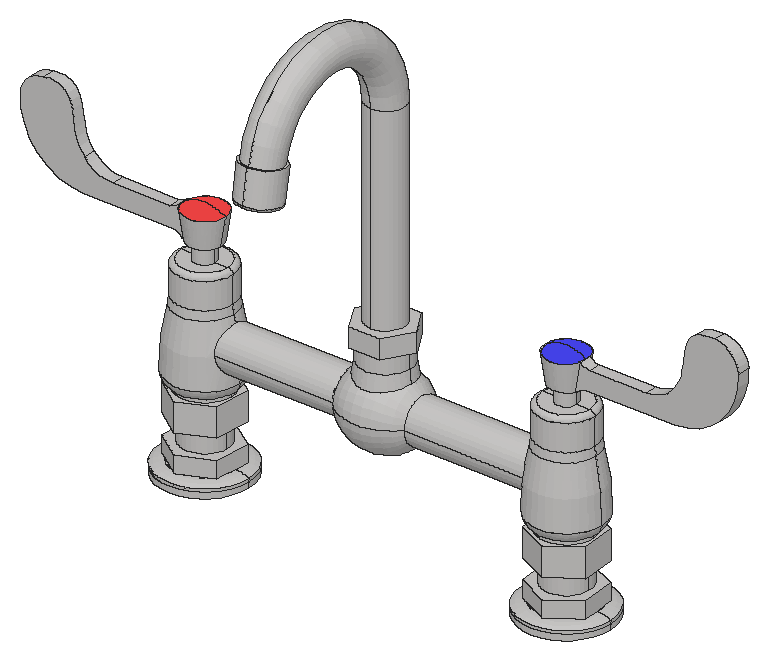
Revit family "15-825L-W-E2", category Specialty Equipment, Revit 2018
Family settings
  Round Connector Dimension = Use Diameter
  Part Type = Normal
  OmniClass Number = 23.45.05.14
  OmniClass Title = Plumbing Fixtures - Sanitary Washing Units
  Work Plane-Based = No
  Always vertical = Yes
  Cut with Voids When Loaded = No
  Shared = No
  Room Calculation Point = No
Parameters
  URL Cutsheet = ""
  Serial Number = ""
  Plumbing Remarks = ""
  Plumbing Connection Type = ""
  Model = "15-825L-W-E2"
  Masterspec = ""
  Manufacturer = "Krowne Metal"
  Item Number = ""
  INLET = 1/2"
  Hot Water Size = 1/2"
  Hot Water RI Height = 0"
  Hot Water Flow = 0.5 GPM
  Hot Water Connection Height = 0"
  Foodservice Equipment Identifier = yes
  Description = "8\" Rasied Deck Mount Faucet with 3-1/2\" Wide Gooseneck Spout & Vandal Resistant Wrist Blades Handles"
  Cold Water Size = 1/2"
  Cold Water RI Height = 0"
  Cold Water Flow = 0.5 GPM
  Cold Water Connection Height = 0"
  Assembly Code = "D2010400"
Reference planes (in)
  plane 1 "Center (Front/Back)": y = 0
  plane 2: z = 0
  plane 3 "Center (Left/Right)": x = 0
  plane 4: x = -7.9375
  plane 5: x = 7.9375
  plane 6: x = -4
  plane 7: x = 4
  plane 8: z = 10.875
  plane 9: y = -3.5
  plane 10: z = 2.6555785
  plane 11: through (-0.1772495, -0.1236737, 48) normal (-0.5736, 0.8192, 0)
  plane 12: z = 8.25
Forms (in)
  Revolve 1, solid, material "Metal_Finishes_Stainless Steel"
    sketch origin (0, 0, 0) x (1, 0, 0) y (0, 0, 1)
      loop
        line (-4.2265625, 4.2097502) -> (-4.515625, 4.2097502)
        arc (-4.515625, 4.2097502) -> (-4.5913487, 4.1783845) -> (-4.6227144, 4.1026608) r 0.1070894
        line (-4.6227144, 4.1026608) -> (-4.6227144, 3.5255115)
        arc (-4.6227144, 3.5255115) -> (-4.6314858, 3.426017) -> (-4.641709, 3.3266612) r 6.8403013
        arc (-4.641709, 3.3266612) -> (-4.759233, 2.6695791) -> (-4.7848693, 2.0025621) r 4.8209641
        arc (-4.7848693, 2.0025621) -> (-4.7404099, 1.8863243) -> (-4.6617028, 1.7899237) r 0.3913262
        line (-4.6617028, 1.7899237) -> (-4.5925925, 1.7899237) -> (-4.5925925, 1.6857697) -> (-4, 1.6857697) -> (-4, 5.1875) -> (-4.4564711, 5.1875) -> (-4.3592865, 4.5739001) -> (-4.2265625, 4.5739001) -> (-4.2265625, 4.2097502)
      axis (-4, 5.1875) -> (-4, 1.6857697)
    angle from 0 to 360
  Revolve 2, solid, material "Metal_Finishes_Stainless Steel"
    sketch origin (0, 0, 0) x (-1, 0, 0) y (0, 0, 1)
      loop
        line (-4.2265625, 4.2097502) -> (-4.515625, 4.2097502)
        arc (-4.515625, 4.2097502) -> (-4.5913487, 4.1783845) -> (-4.6227144, 4.1026608) r 0.1070894
        line (-4.6227144, 4.1026608) -> (-4.6227144, 3.5255115)
        arc (-4.6227144, 3.5255115) -> (-4.6314858, 3.426017) -> (-4.641709, 3.3266612) r 6.8403013
        arc (-4.641709, 3.3266612) -> (-4.759233, 2.6695791) -> (-4.7848693, 2.0025621) r 4.8209641
        arc (-4.7848693, 2.0025621) -> (-4.7404099, 1.8863243) -> (-4.6617028, 1.7899237) r 0.3913262
        line (-4.6617028, 1.7899237) -> (-4.5925925, 1.7899237) -> (-4.5925925, 1.6857697) -> (-4, 1.6857697) -> (-4, 5.1738281) -> (-4.4543057, 5.1738281) -> (-4.3568117, 4.5582751) -> (-4.2265625, 4.5582751) -> (-4.2265625, 4.2097502)
      axis (-4, 5.1738281) -> (-4, 1.6857697)
    angle from 0 to 360
  Revolve 3, solid, material "Metal_Finishes_Stainless Steel"
    sketch origin (0, 0, 2.6875) x (1, 0, 0) y (0, 1, 0)
      loop
        line (-3.6520316, 0) -> (3.6520316, 0) -> (3.6520316, 0.4791814) -> (0.7881593, 0.4791814)
        arc (0.7881593, 0.4791814) -> (0, 0.8383898) -> (-0.7881593, 0.4791814) r 1.0442764
        line (-0.7881593, 0.4791814) -> (-3.6520316, 0.4791814) -> (-3.6520316, 0)
      axis (-3.6520316, 0) -> (3.6520316, 0)
    angle from 0 to 360
  Blend 4, solid, material "Metal_Finishes_Stainless Steel"
    base sketch origin (0, 0, 0) x (1, 0, 0) y (0, 1, 0)
      loop
        circle (0, 0) r 0.6269135
    top sketch origin (0, 0, 0) x (1, 0, 0) y (0, 1, 0)
      loop
        circle (0, 0) r 0.5457886
    from 3.1117194 to 3.6165164
  Extrusion 5, solid, material "Metal_Finishes_Stainless Steel"
    sketch origin (0, 0, 0) x (-1, 0, 0) y (0, -1, 0)
      loop
        line (-3.3075187, -0.3229093) -> (-3.3741116, 0.4382518) -> (-4.066593, 0.7611611) -> (-4.6924813, 0.3229093) -> (-4.6258884, -0.4382518) -> (-3.933407, -0.7611611) -> (-3.3075187, -0.3229093)
    from 1.0669463 to 1.6857697
  Revolve 6, solid, material "Metal_Finishes_Stainless Steel"
    sketch origin (0, 0, 0) x (1, 0, 0) y (0, 0, 1)
      loop
        line (-0.5457886, 3.9834341) -> (-0.5457886, 3.6165164) -> (0, 3.6165164) -> (0, 3.9834341) -> (-0.5457886, 3.9834341)
      axis (0, 3.9834341) -> (0, 3.6165164)
    angle from 0 to 360
  Revolve 7, solid, material "Metal_Finishes_Stainless Steel"
    sketch origin (0, 0, 0) x (1, 0, 0) y (0, 0, 1)
      loop
        line (-4, 1.0669463) -> (-4.5, 1.0669463) -> (-4.5, 0.6129667) -> (-4, 0.6129667) -> (-4, 1.0669463)
      axis (-4, 1.0669463) -> (-4, 0.6129667)
    angle from 0 to 360
  Extrusion 8, solid, material "Metal_Finishes_Stainless Steel"
    sketch origin (0, 0, -0.75) x (1, 0, 0) y (0, 1, 0)
      loop
        line (-3.3075187, 0.3229093) -> (-3.933407, 0.7611611) -> (-4.6258884, 0.4382518) -> (-4.6924813, -0.3229093) -> (-4.066593, -0.7611611) -> (-3.3741116, -0.4382518) -> (-3.3075187, 0.3229093)
    from 1.0115224 to 1.3727211
  Extrusion 9, solid, material "Metal_Finishes_Stainless Steel"
    sketch origin (0, 0, -0.75) x (-1, 0, 0) y (0, -1, 0)
      loop
        line (-3.3075187, -0.3229093) -> (-3.3741116, 0.4382518) -> (-4.066593, 0.7611611) -> (-4.6924813, 0.3229093) -> (-4.6258884, -0.4382518) -> (-3.933407, -0.7611611) -> (-3.3075187, -0.3229093)
    from 1.0115224 to 1.3727211
  Revolve 10, solid, material "Metal_Finishes_Stainless Steel"
    sketch origin (0, 0, 0) x (-1, 0, 0) y (0, 0, 1)
      loop
        line (-4, 1.0669463) -> (-4.5, 1.0669463) -> (-4.5, 0.6181602) -> (-4, 0.6181602) -> (-4, 1.0669463)
      axis (-4, 1.0669463) -> (-4, 0.6181602)
    angle from 0 to 360
  Revolve 11, solid, material "Metal_Finishes_Stainless Steel"
    sketch origin (0, 0, 0) x (-1, 0, 0) y (0, 0, 1)
      loop
        line (-4, 0.2615224) -> (-4.6924813, 0.2615224)
        arc (-4.6924813, 0.2615224) -> (-4.8391389, 0.2429759) -> (-4.9765625, 0.188504) r 0.5891237
        line (-4.9765625, 0.188504) -> (-4.9765625, 0.1269227) -> (-4, 0.1269227) -> (-4, 0.2615224)
      axis (-4, 0.2615224) -> (-4, 0.1269227)
    angle from 0 to 360
  Revolve 12, solid, material "Metal_Finishes_Stainless Steel"
    sketch origin (0, 0, 0) x (-1, 0, 0) y (0, 0, 1)
      loop
        line (-4, 0.1269227) -> (-4.9765625, 0.1269227) -> (-4.9765625, 0) -> (-4, 0) -> (-4, 0.1269227)
      axis (-4, 0.1269227) -> (-4, 0)
    angle from 0 to 360
  Revolve 13, solid, material "Plastic-Brass-Red"
    sketch origin (0, 0, 0.0688477) x (1, 0, 0) y (0, 0, 1)
      loop
        line (-4, 5.1184462) -> (-4, 5.2553745)
        arc (-4, 5.2553745) -> (-4.2383745, 5.2206326) -> (-4.4565198, 5.1184462) r 0.8241286
        line (-4.4565198, 5.1184462) -> (-4, 5.1184462)
      axis (-4, 5.2553745) -> (-4, 5.1184462)
    angle from 0 to 360
  Revolve 14, solid, material "Plastic-Brass-Blue"
    sketch origin (0, 0, 0.046875) x (-1, 0, 0) y (0, 0, 1)
      loop
        line (-4, 5.125) -> (-4, 5.2575176)
        arc (-4, 5.2575176) -> (-4.2328551, 5.2235055) -> (-4.4465721, 5.125) r 0.8231864
        line (-4.4465721, 5.125) -> (-4, 5.125)
      axis (-4, 5.2575176) -> (-4, 5.125)
    angle from 0 to 360
  Extrusion 15, solid, material "Metal_Finishes_Stainless Steel"
    sketch origin (0, 0, 0) x (1, 0, 0) y (0, 1, 0)
      loop
        line (-3.3075187, 0.3229093) -> (-3.933407, 0.7611611) -> (-4.6258884, 0.4382518) -> (-4.6924813, -0.3229093) -> (-4.066593, -0.7611611) -> (-3.3741116, -0.4382518) -> (-3.3075187, 0.3229093)
    from 1.0669463 to 1.6857697
  Sweep 16, solid, material "Metal_Finishes_Stainless Steel"
    path origin (0, 0, 0) x (0, 1, 0) y (0, 0, 1)
      loop
        line (0, 4.406133) -> (0, 8.7571801)
        arc (0, 8.7571801) -> (-1.5687577, 10.4565741) -> (-3.3879442, 9.028463) r 1.7048333
    profile origin (0, 0, 6.5816566) x (0, -1, 0) y (1, 0, 0)
      loop
        circle (0, 0) r 0.40625
  Revolve 17, solid, material "Metal_Finishes_Stainless Steel"
    sketch origin (0, 0, 0) x (0, 1, 0) y (0, 0, 1)
      loop
        line (-2.9360113, 8.9556207) -> (-3.3879442, 9.028463) -> (-3.5040026, 8.3084061) -> (-3.0520697, 8.2355638) -> (-2.9360113, 8.9556207)
      axis (-3.3879442, 9.028463) -> (-3.5040026, 8.3084061)
    angle from 0 to 360
  Revolve 18, solid, material "Metal_Finishes_Stainless Steel"
    sketch origin (0, 0, 0) x (0, 1, 0) y (0, 0, 1)
      loop
        line (-3.0520697, 8.2355638) -> (-3.5040026, 8.3084061) -> (-3.5089057, 8.277986) -> (-3.0686616, 8.2070277)
        arc (-3.0686616, 8.2070277) -> (-3.0579373, 8.2198838) -> (-3.0520697, 8.2355638) r 0.0498909
      axis (-3.5040026, 8.3084061) -> (-3.5102674, 8.2695377)
    angle from 0 to 360
  Revolve 19, solid, material "Metal_Finishes_Stainless Steel"
    sketch origin (0, 0, 0) x (1, 0, 0) y (0, 0, 1)
      loop
        line (-4, 0.2615224) -> (-4.6924813, 0.2615224)
        arc (-4.6924813, 0.2615224) -> (-4.8391389, 0.2429759) -> (-4.9765625, 0.188504) r 0.5891237
        line (-4.9765625, 0.188504) -> (-4.9765625, 0.1269227) -> (-4, 0.1269227) -> (-4, 0.2615224)
      axis (-4, 0.2615224) -> (-4, 0.1269227)
    angle from 0 to 360
  Revolve 20, solid, material "Metal_Finishes_Stainless Steel"
    sketch origin (0, 0, 0) x (1, 0, 0) y (0, 0, 1)
      loop
        line (-4, 0.1269227) -> (-4.9765625, 0.1269227) -> (-4.9765625, 0) -> (-4, 0) -> (-4, 0.1269227)
      axis (-4, 0.1269227) -> (-4, 0)
    angle from 0 to 360
  Extrusion 21, solid, material "Metal_Finishes_Stainless Steel"
    sketch origin (-2.0095147, 0, 2.1045521) x (1, 0, 0) y (0, 0, 1)
      loop
        line (-2.6347277, 3.0045166) -> (-3.8843799, 3.0045166)
        arc (-3.8843799, 3.0045166) -> (-4.2359651, 3.0862051) -> (-4.5155197, 3.3145347) r 0.7974512
        spline (-4.5155197, 3.3145347) -> (-4.6074866, 3.4326829) -> (-4.6698854, 3.5650756) -> (-4.7106035, 3.7067753) -> (-4.7375284, 3.8528446) -> (-4.7585477, 3.9983461) -> (-4.7815489, 4.1383426) -> (-4.8144194, 4.2678964) -> (-4.8650468, 4.3820704) -> (-4.9413186, 4.475927) -> (-5.0511223, 4.544529) -> (-5.2023454, 4.5829388) -> (-5.4028755, 4.5862191)
        arc (-5.4028755, 4.5862191) -> (-5.7633592, 4.4237261) -> (-5.9317659, 4.0659669) r 0.5708331
        arc (-5.9317659, 4.0659669) -> (-5.5397537, 3.0202633) -> (-4.5129098, 2.5812176) r 1.4203182
        line (-4.5129098, 2.5812176) -> (-2.5813303, 2.5812176)
        arc (-2.5813303, 2.5812176) -> (-2.4531863, 2.5517736) -> (-2.3507467, 2.4693481) r 0.2935724
        line (-2.3507467, 2.4693481) -> (-2, 2.4693481) -> (-2, 3.0837762) -> (-2.447357, 3.0837762)
        arc (-2.447357, 3.0837762) -> (-2.5330052, 3.0251465) -> (-2.6347277, 3.0045166) r 0.2611032
    from -0.0974163 to 0.1689706
  Extrusion 22, solid, material "Metal_Finishes_Stainless Steel"
    sketch origin (2.0095147, 0, 2.1045521) x (-1, 0, 0) y (0, 0, -1)
      loop
        arc (-2.6347277, -2.9934019) -> (-2.5261067, -3.017068) -> (-2.4371764, -3.0837762) r 0.2611032
        line (-2.4371764, -3.0837762) -> (-2, -3.0837762) -> (-2, -2.4693481) -> (-2.3507467, -2.4693481)
        arc (-2.3507467, -2.4693481) -> (-2.4531863, -2.5517736) -> (-2.5813303, -2.5812176) r 0.2935724
        line (-2.5813303, -2.5812176) -> (-4.5129098, -2.5812176)
        arc (-4.5129098, -2.5812176) -> (-5.5397537, -3.0202633) -> (-5.9317659, -4.0659669) r 1.4203182
        arc (-5.9317659, -4.0659669) -> (-5.7633592, -4.4237261) -> (-5.4028755, -4.5862191) r 0.5708331
        spline (-5.4028755, -4.5862191) -> (-5.1922392, -4.5827735) -> (-5.0333949, -4.5424279) -> (-4.9180573, -4.4703686) -> (-4.8379416, -4.3717818) -> (-4.7847627, -4.2518538) -> (-4.7502356, -4.1157707) -> (-4.7260753, -3.9687189) -> (-4.7039967, -3.8158844) -> (-4.6757148, -3.6624535) -> (-4.6329446, -3.5136126) -> (-4.5674011, -3.3745477) -> (-4.4707992, -3.2504451)
        arc (-4.4707992, -3.2504451) -> (-4.20452, -3.0604842) -> (-3.8843799, -2.9934019) r 0.7974512
        line (-3.8843799, -2.9934019) -> (-2.6347277, -2.9934019)
    from -0.0974163 to 0.1689706
  Extrusion 23, solid, material "Metal_Finishes_Stainless Steel"
    sketch origin (0, 0, 0.1991451) x (1, 0, 0) y (0, 1, 0)
      loop
        line (-0.339653, 0.5882962) -> (-0.6793059, 0) -> (-0.339653, -0.5882962) -> (0.339653, -0.5882962) -> (0.6793059, 0) -> (0.339653, 0.5882962) -> (-0.339653, 0.5882962)
    from 3.784289 to 4.206988
Cuts and joins
  joined: Revolve 1, Revolve 2, Revolve 3, Blend 4, Extrusion 5, Revolve 6, Revolve 7, Extrusion 8, Extrusion 9, Revolve 10, Revolve 11, Revolve 12, Extrusion 15, Sweep 16, Revolve 17, Revolve 18, Revolve 19, Extrusion 21, Extrusion 22, Extrusion 23
Dimensions and locks (in)
  equal spacing: plane 5, plane 3 "Center (Left/Right)", plane 4, locked at 7.9375 each
  plane 5 to plane 4 = 15 7/8"
  equal spacing: plane 7, plane 3 "Center (Left/Right)", plane 6, locked at 4 each
  locked: plane 7 to plane 6 at 8
  plane 8 to level = 10 7/8"
  plane 1 "Center (Front/Back)" to plane 9 = 3 1/2"
  locked: plane 12 to level at 8.25
  aligned and locked: level to plane 2
Automatic sketch dimensions
  Revolve 1 sketch curve to plane 6 = 0"  (x2)
  Revolve 1 sketch curve to plane 6 = 29/128"
  Revolve 1 sketch curve to Revolve 1 sketch curve = 0.13272"
  Revolve 1 sketch curve to plane 6 = 0.40179"
  Revolve 1 sketch curve to plane 6 = 0.45647"
  Revolve 1 sketch curve to Revolve 1 sketch curve = 37/128"
  Revolve 1 sketch curve to Revolve 1 sketch curve = 0.19081"
  Revolve 1 sketch curve to Revolve 1 sketch curve = 0.10709"
  Revolve 1 sketch curve to Revolve 1 sketch curve = 0.06911"
  plane 10 to Revolve 1 sketch curve = 1.42088"
  Revolve 1 sketch curve to plane 4 = 3.50329"
  plane 3 "Center (Left/Right)" to Revolve 1 sketch curve = 0.0338"
  plane 10 to Revolve 1 sketch curve = 0.86993"
  Revolve 1 sketch curve to plane 10 = 0.50422"
  Revolve 1 sketch curve to plane 10 = 0.57311"
  Revolve 1 sketch curve to Revolve 1 sketch curve = 0.29254"
  Revolve 1 sketch curve to Revolve 1 sketch curve = 0.10415"
  Revolve 1 sketch curve to Revolve 1 sketch curve = 0.57715"
  Revolve 1 sketch curve to Revolve 1 sketch curve = 0.36415"
  Revolve 1 sketch curve to Revolve 1 sketch curve = 0.6136"
  Revolve 1 sketch curve to Revolve 1 sketch curve = 0.01899"
  level to Revolve 1 sketch curve = 0.66139"
  Revolve 1 sketch curve to plane 12 = 0.22769"
  plane 7 to Revolve 2 sketch curve = 0"  (x2)
  plane 7 to Revolve 2 sketch curve = 29/128"
  Revolve 2 sketch curve to Revolve 2 sketch curve = 0.13025"
  plane 7 to Revolve 2 sketch curve = 0.40179"
  Revolve 2 sketch curve to Revolve 2 sketch curve = 0.45431"
  Revolve 2 sketch curve to Revolve 2 sketch curve = 37/128"
  Revolve 2 sketch curve to Revolve 2 sketch curve = 0.19081"
  Revolve 2 sketch curve to Revolve 2 sketch curve = 0.10709"
  Revolve 2 sketch curve to Revolve 2 sketch curve = 0.06911"
  Revolve 2 sketch curve to plane 10 = 1.42088"
  Revolve 2 sketch curve to plane 5 = 3.50329"
  plane 3 "Center (Left/Right)" to Revolve 2 sketch curve = 0.0338"
  Revolve 2 sketch curve to plane 10 = 0.86993"
  plane 10 to Revolve 2 sketch curve = 0.50422"
  plane 10 to Revolve 2 sketch curve = 0.57311"
  Revolve 2 sketch curve to Revolve 2 sketch curve = 0.29254"
  Revolve 2 sketch curve to Revolve 2 sketch curve = 0.10415"
  Revolve 2 sketch curve to Revolve 2 sketch curve = 0.57715"
  Revolve 2 sketch curve to Revolve 2 sketch curve = 0.34852"
  Revolve 2 sketch curve to Revolve 2 sketch curve = 0.61555"
  Revolve 2 sketch curve to Revolve 2 sketch curve = 0.01899"
  Revolve 2 sketch curve to level = 0.66139"
  plane 12 to Revolve 2 sketch curve = 0.22769"
  plane 1 "Center (Front/Back)" to Revolve 3 sketch curve = 0"  (x2)
  Revolve 3 sketch curve to plane 6 = 0"
  Revolve 3 sketch curve to plane 3 "Center (Left/Right)" = 0"
  plane 6 to Revolve 3 sketch curve = 0.34797"
  Revolve 3 sketch curve to plane 1 "Center (Front/Back)" = 0.47918"  (x2)
  Revolve 3 sketch curve to plane 3 "Center (Left/Right)" = 0.78816"
  plane 7 to Revolve 3 sketch curve = 0.34797"
  plane 1 "Center (Front/Back)" to Revolve 3 sketch curve = 0.20589"
  Revolve 3 sketch curve to plane 7 = 0.6617"
  plane 1 "Center (Front/Back)" to Blend 4 sketch curve = 0"  (x2)
  Blend 4 sketch curve to plane 3 "Center (Left/Right)" = 0"  (x2)
  Extrusion 5 sketch curve to plane 1 "Center (Front/Back)" = 0.32291"
  plane 7 to Extrusion 5 sketch curve = 0.69248"
  plane 7 to Extrusion 5 sketch curve = 0.62589"
  plane 7 to Extrusion 5 sketch curve = 0.06659"
  Extrusion 5 sketch curve to plane 7 = 0.06659"
  Extrusion 5 sketch curve to plane 7 = 0.62589"
  plane 1 "Center (Front/Back)" to Extrusion 5 sketch curve = 0.32291"
  Extrusion 5 sketch curve to plane 7 = 0.69248"
  Extrusion 5 sketch curve to plane 1 "Center (Front/Back)" = 0.43825"
  Extrusion 5 sketch curve to plane 1 "Center (Front/Back)" = 0.76116"
  plane 1 "Center (Front/Back)" to Extrusion 5 sketch curve = 0.43825"
  plane 1 "Center (Front/Back)" to Extrusion 5 sketch curve = 0.76116"
  Revolve 6 sketch curve to plane 3 "Center (Left/Right)" = 0"  (x2)
  Revolve 6 sketch curve to plane 3 "Center (Left/Right)" = 0.54579"
  plane 10 to Revolve 6 sketch curve = 123/128"
  Revolve 6 sketch curve to Revolve 6 sketch curve = 0.36692"
  Revolve 6 sketch curve to Revolve 6 sketch curve = 0.14231"
  Revolve 6 sketch curve to Revolve 6 sketch curve = 0.09237"
  Revolve 7 sketch curve to plane 6 = 0"  (x2)
  Revolve 7 sketch curve to plane 6 = 1/2"
  level to Revolve 7 sketch curve = 0.61297"
  Revolve 7 sketch curve to Revolve 7 sketch curve = 0.45398"
  Revolve 7 sketch curve to Revolve 7 sketch curve = 0.1815"
  Revolve 7 sketch curve to Revolve 7 sketch curve = 0.4632"
  plane 1 "Center (Front/Back)" to Extrusion 8 sketch curve = 0.32291"
  Extrusion 8 sketch curve to plane 6 = 0.69248"
  Extrusion 8 sketch curve to plane 6 = 0.62589"
  Extrusion 8 sketch curve to plane 6 = 0.06659"
  plane 6 to Extrusion 8 sketch curve = 0.06659"
  plane 6 to Extrusion 8 sketch curve = 0.62589"
  Extrusion 8 sketch curve to plane 1 "Center (Front/Back)" = 0.32291"
  plane 6 to Extrusion 8 sketch curve = 0.69248"
  plane 1 "Center (Front/Back)" to Extrusion 8 sketch curve = 0.43825"
  plane 1 "Center (Front/Back)" to Extrusion 8 sketch curve = 0.76116"
  Extrusion 8 sketch curve to plane 1 "Center (Front/Back)" = 0.43825"
  Extrusion 8 sketch curve to plane 1 "Center (Front/Back)" = 0.76116"
  Extrusion 9 sketch curve to plane 1 "Center (Front/Back)" = 0.32291"
  plane 7 to Extrusion 9 sketch curve = 0.69248"
  plane 7 to Extrusion 9 sketch curve = 0.62589"
  plane 7 to Extrusion 9 sketch curve = 0.06659"
  Extrusion 9 sketch curve to plane 7 = 0.06659"
  Extrusion 9 sketch curve to plane 7 = 0.62589"
  plane 1 "Center (Front/Back)" to Extrusion 9 sketch curve = 0.32291"
  Extrusion 9 sketch curve to plane 7 = 0.69248"
  Extrusion 9 sketch curve to plane 1 "Center (Front/Back)" = 0.43825"
  Extrusion 9 sketch curve to plane 1 "Center (Front/Back)" = 0.76116"
  plane 1 "Center (Front/Back)" to Extrusion 9 sketch curve = 0.43825"
  plane 1 "Center (Front/Back)" to Extrusion 9 sketch curve = 0.76116"
  plane 7 to Revolve 10 sketch curve = 0"  (x2)
  Revolve 10 sketch curve to Revolve 10 sketch curve = 1/2"
  Revolve 10 sketch curve to level = 0.61816"
  Revolve 10 sketch curve to Revolve 10 sketch curve = 0.44879"
  Revolve 10 sketch curve to Revolve 10 sketch curve = 0.18669"
  Revolve 10 sketch curve to Revolve 10 sketch curve = 0.4632"
  plane 7 to Revolve 11 sketch curve = 0"  (x2)
  Revolve 11 sketch curve to level = 0"
  Revolve 11 sketch curve to level = 0.26152"
  Revolve 11 sketch curve to Revolve 11 sketch curve = 0.69248"
  Revolve 11 sketch curve to level = 0.12692"
  Revolve 11 sketch curve to Revolve 11 sketch curve = 0.28408"
  level to Revolve 11 sketch curve = 0.3276"
  Revolve 11 sketch curve to Revolve 11 sketch curve = 0.1529"
  Revolve 12 sketch curve to level = 0"
  plane 7 to Revolve 12 sketch curve = 0"  (x2)
  Revolve 12 sketch curve to level = 0.12692"
  Revolve 12 sketch curve to Revolve 12 sketch curve = 125/128"
  level to Revolve 12 sketch curve = 81/256"
  Revolve 12 sketch curve to Revolve 12 sketch curve = 0.35201"
  Revolve 13 sketch curve to plane 6 = 0"  (x2)
  Revolve 13 sketch curve to plane 6 = 0.00161"
  Revolve 13 sketch curve to plane 6 = 0.45652"
  plane 10 to Revolve 13 sketch curve = 1.84452"
  Revolve 13 sketch curve to Revolve 13 sketch curve = 0.6872"
  Revolve 13 sketch curve to Revolve 13 sketch curve = 0.1778"
  Revolve 13 sketch curve to Revolve 13 sketch curve = 0.27906"
  Revolve 14 sketch curve to plane 7 = 0"  (x2)
  Revolve 14 sketch curve to Revolve 14 sketch curve = 0.44657"
  Revolve 14 sketch curve to plane 7 = 0.00133"
  Revolve 14 sketch curve to plane 10 = 1.82563"
  Revolve 14 sketch curve to Revolve 14 sketch curve = 0.69067"
  Revolve 14 sketch curve to Revolve 14 sketch curve = 0.18435"
  Revolve 14 sketch curve to Revolve 14 sketch curve = 0.27692"
  plane 1 "Center (Front/Back)" to Extrusion 15 sketch curve = 0.32291"
  Extrusion 15 sketch curve to plane 6 = 0.69248"
  Extrusion 15 sketch curve to plane 6 = 0.62589"
  Extrusion 15 sketch curve to plane 6 = 0.06659"
  plane 6 to Extrusion 15 sketch curve = 0.06659"
  plane 6 to Extrusion 15 sketch curve = 0.62589"
  Extrusion 15 sketch curve to plane 1 "Center (Front/Back)" = 0.32291"
  plane 6 to Extrusion 15 sketch curve = 0.69248"
  plane 1 "Center (Front/Back)" to Extrusion 15 sketch curve = 0.43825"
  plane 1 "Center (Front/Back)" to Extrusion 15 sketch curve = 0.76116"
  Extrusion 15 sketch curve to plane 1 "Center (Front/Back)" = 0.43825"
  Extrusion 15 sketch curve to plane 1 "Center (Front/Back)" = 0.76116"
  Sweep 16 sketch curve to plane 1 "Center (Front/Back)" = 0"
  plane 12 to Sweep 16 sketch curve = 0.50718"
  Sweep 16 sketch curve to Sweep 16 sketch curve = 1.70483"
  plane 9 to Sweep 16 sketch curve = 0.11206"
  plane 10 to Sweep 16 sketch curve = 1.75055"
  Sweep 16 sketch curve to plane 3 "Center (Left/Right)" = 0"
  Sweep 16 sketch curve to profile plane = 0"
  Revolve 17 sketch curve to plane 9 = 0"
  Revolve 17 sketch curve to plane 9 = 0.004"
  plane 9 to Revolve 17 sketch curve = 0.11206"
  Revolve 17 sketch curve to plane 12 = 0.01444"
  plane 9 to Revolve 17 sketch curve = 0.44793"
  plane 12 to Revolve 17 sketch curve = 0.05841"
  Revolve 17 sketch curve to Revolve 17 sketch curve = 0.01428"
  Revolve 17 sketch curve to Revolve 17 sketch curve = 0.02483"
  Revolve 17 sketch curve to Revolve 17 sketch curve = 0.08862"
  Revolve 18 sketch curve to plane 9 = 0"
  Revolve 18 sketch curve to plane 9 = 0.004"
  Revolve 18 sketch curve to plane 9 = 0.00891"
  Revolve 18 sketch curve to plane 12 = 0.00504"
  plane 9 to Revolve 18 sketch curve = 0.39893"
  Revolve 18 sketch curve to plane 12 = 11/256"
  Revolve 18 sketch curve to Revolve 18 sketch curve = 0.03241"
  Revolve 18 sketch curve to plane 12 = 0.01444"
  Revolve 18 sketch curve to plane 9 = 0.01781"
  Revolve 18 sketch curve to plane 12 = 0.02728"
  Revolve 18 sketch curve to Revolve 18 sketch curve = 0.02483"
  Revolve 19 sketch curve to plane 6 = 0"  (x2)
  Revolve 19 sketch curve to level = 0"
  level to Revolve 19 sketch curve = 0.26152"
  Revolve 19 sketch curve to Revolve 19 sketch curve = 0.69248"
  level to Revolve 19 sketch curve = 0.12692"
  Revolve 19 sketch curve to Revolve 19 sketch curve = 0.28408"
  Revolve 19 sketch curve to level = 0.3276"
  Revolve 19 sketch curve to Revolve 19 sketch curve = 0.1529"
  Revolve 20 sketch curve to level = 0"
  Revolve 20 sketch curve to plane 6 = 0"  (x2)
  level to Revolve 20 sketch curve = 0.12692"
  Revolve 20 sketch curve to Revolve 20 sketch curve = 125/128"
  Revolve 20 sketch curve to level = 81/256"
  Revolve 20 sketch curve to Revolve 20 sketch curve = 0.35201"
  plane 4 to Extrusion 21 sketch curve = 0.52511"
  plane 4 to Extrusion 21 sketch curve = 0.56493"
  Extrusion 21 sketch curve to Extrusion 21 sketch curve = 0.84754"
  Extrusion 21 sketch curve to Extrusion 21 sketch curve = 0.00261"
  Extrusion 21 sketch curve to Extrusion 21 sketch curve = 0.62853"
  Extrusion 21 sketch curve to plane 6 = 0.64424"
  Extrusion 21 sketch curve to plane 6 = 0.59085"
  Extrusion 21 sketch curve to Extrusion 21 sketch curve = 0.18737"
  Extrusion 21 sketch curve to Extrusion 21 sketch curve = 0.23058"
  Extrusion 21 sketch curve to plane 6 = 0.00951"
  plane 10 to Extrusion 21 sketch curve = 1.73662"
  Extrusion 21 sketch curve to Extrusion 21 sketch curve = 0.1817"
  Extrusion 21 sketch curve to Extrusion 21 sketch curve = 0.4233"
  Extrusion 21 sketch curve to Extrusion 21 sketch curve = 0.61443"
  Extrusion 21 sketch curve to Extrusion 21 sketch curve = 0.31002"
  Extrusion 21 sketch curve to Extrusion 21 sketch curve = 0.19957"
  Extrusion 21 sketch curve to Extrusion 21 sketch curve = 0.01524"
  Extrusion 21 sketch curve to Extrusion 21 sketch curve = 0.56944"
  Extrusion 22 sketch curve to plane 5 = 0.52511"
  Extrusion 22 sketch curve to plane 5 = 0.56493"
  Extrusion 22 sketch curve to Extrusion 22 sketch curve = 0.89226"
  Extrusion 22 sketch curve to Extrusion 22 sketch curve = 0.04211"
  Extrusion 22 sketch curve to Extrusion 22 sketch curve = 0.62853"
  Extrusion 22 sketch curve to plane 7 = 0.64424"
  Extrusion 22 sketch curve to plane 7 = 0.59085"
  Extrusion 22 sketch curve to Extrusion 22 sketch curve = 0.19755"
  Extrusion 22 sketch curve to Extrusion 22 sketch curve = 0.23058"
  Extrusion 22 sketch curve to plane 7 = 0.00951"
  Extrusion 22 sketch curve to plane 12 = 1.55923"
  Extrusion 22 sketch curve to Extrusion 22 sketch curve = 0.56944"
  Extrusion 22 sketch curve to Extrusion 22 sketch curve = 0.01524"
  Extrusion 22 sketch curve to Extrusion 22 sketch curve = 0.21068"
  Extrusion 22 sketch curve to Extrusion 22 sketch curve = 0.75109"
  Extrusion 22 sketch curve to Extrusion 22 sketch curve = 0.2611"
  Extrusion 22 sketch curve to Extrusion 22 sketch curve = 0.41218"
  Extrusion 22 sketch curve to Extrusion 22 sketch curve = 0.11187"
  plane 1 "Center (Front/Back)" to Extrusion 23 sketch curve = 0"  (x2)
  Extrusion 23 sketch curve to plane 3 "Center (Left/Right)" = 0.67931"
  Extrusion 23 sketch curve to plane 3 "Center (Left/Right)" = 0.33965"  (x2)
  plane 3 "Center (Left/Right)" to Extrusion 23 sketch curve = 0.33965"  (x2)
  Extrusion 23 sketch curve to Extrusion 23 sketch curve = 0.33965"
  plane 1 "Center (Front/Back)" to Extrusion 23 sketch curve = 0.5883"
  Extrusion 23 sketch curve to plane 1 "Center (Front/Back)" = 0.5883"
  radius of Blend 4 sketch curve = 0.62691"
  radius of Blend 4 sketch curve = 0.54579"
  radius of Sweep 16 sketch curve = 13/32"
Connectors (in)
  piping at (-4, 0, 0), diameter 0.5, driven by "INLET"
    settings: on Revolve 20, index 1, connector inside diameter 24", connector length 0", flow factor 0, pipe flow 0 GPM, pressure drop 0.00 psi, fitting loss kfactor 0, connector angle 0.00°, fixture units 0, engagement length 0", angle of deflection 0.00°, flow configuration 0, flow direction 1, fitting loss method 0, system type 19, joint type 0, gender type 0, connector reference index -1, connector utility 0, adjustable connector no, is connector primary yes, connector description ""
  piping at (4, 0, 0), diameter 0.5, driven by "INLET"
    settings: on cut or joined group of Revolve 1, Revolve 2, Revolve 3, Blend 4, Extrusion 5, Revolve 6, Revolve 7, Extrusion 8, Extrusion 9, Revolve 10, Revolve 11, Revolve 12, Extrusion 15, Sweep 16, Revolve 17, Revolve 18, Revolve 19, Extrusion 21, Extrusion 22, Extrusion 23, index 2, connector inside diameter 24", connector length 0", flow factor 0, pipe flow 0 GPM, pressure drop 0.00 psi, fitting loss kfactor 0, connector angle 0.00°, fixture units 0, engagement length 0", angle of deflection 0.00°, flow configuration 0, flow direction 1, fitting loss method 0, system type 20, joint type 0, gender type 0, connector reference index -1, connector utility 0, adjustable connector no, is connector primary no, connector description ""
